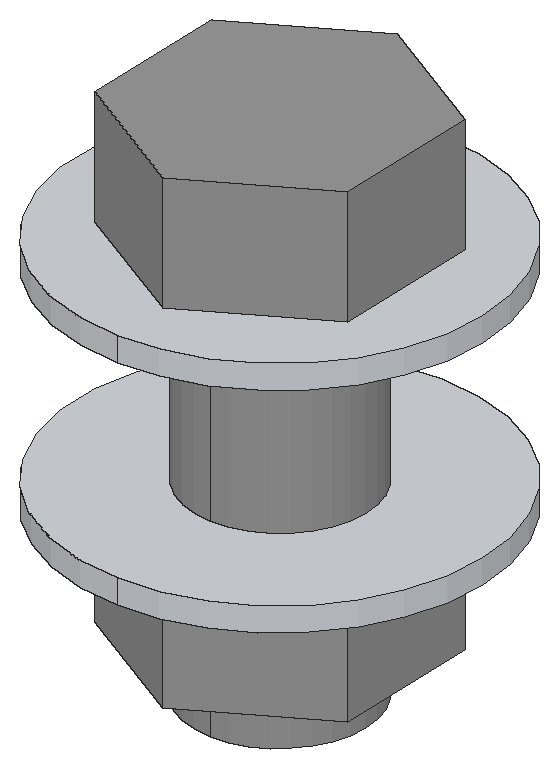
Revit family "050523 - W_P_C - Fastenings - Lag Bolt or Thru Bolt", category Structural Connections, Revit 2020
Family settings
  Material for Model Behavior = Other
  Work Plane-Based = Yes
  Enable cutting in views = Yes
  Always vertical = No
  Cut with Voids When Loaded = No
  Shared = No
Parameters (values of type "7/8")
  Washer Radius = Radius + Head Height  # 0' - 1.0515"
  Washer Offset - Head = if(Washer_Head_Visibility, 0' 0 1/8", 0' 0")  # 0' - 0 1/8"
  Washer Offset = if(Washer_Nut_Visibility, 0' 0 1/8", 0' 0")  # 0' - 0 1/8"
  Washer Material = none
  Washer_Nut_Visibility = yes
  Washer_Head_Visibility = yes
  Thickness_of_Substrate [instance] = 0' - 1"
  Side = Head Size * 0.57812  # 0' - 0.7585"
  Radius = Diameter / 2  # 0' - 0.4475"
  Nut_Visibility = yes
  Length [instance] = 0' - 2"
  Head Size = 0' - 1.312"
  Head Radius = Head Size / 2  # 0' - 0.656"
  Head Height = 0' - 0.604"
  Diameter = 0' - 0.895"
  Default Elevation = 4' - 0"
  Bolt Material (Size) = 3/4" DIAMETER x 8" EMBEDMENT EPOXY ANCHORS
Types (15): name | Washer Radius | Side | Radius | Head Size | Head Radius | Head Height | Diameter
  2 1/2 | 0' - 2.9875" | 0' - 2 43/256" | 0' - 1.2795" | 0' - 3 3/4" | 0' - 1 7/8" | 0' - 1.708" | 0' - 2.559"
  2 1/4 | 0' - 2.7005" | 0' - 1.95117" | 0' - 1.1525" | 0' - 3 3/8" | 0' - 1 11/16" | 0' - 1.548" | 0' - 2.305"
  2 | 0' - 2.4075" | 0' - 1 47/64" | 0' - 1.0195" | 0' - 3" | 0' - 1 1/2" | 0' - 1.388" | 0' - 2.039"
  1 7/8 | 0' - 2.232" | 0' - 1.62569" | 0' - 0.956" | 0' - 2.812" | 0' - 1.406" | 0' - 1.276" | 0' - 1.912"
  1 3/4 | 0' - 2.0885" | 0' - 1.51758" | 0' - 0.8925" | 0' - 2 5/8" | 0' - 1 5/16" | 0' - 1.196" | 0' - 1.785"
  1 5/8 | 0' - 1.945" | 0' - 1.40947" | 0' - 0.829" | 0' - 2.438" | 0' - 1.219" | 0' - 1.116" | 0' - 1.658"
  1 1/2 | 0' - 1.8015" | 0' - 1 77/256" | 0' - 0.7655" | 0' - 2 1/4" | 0' - 1 1/8" | 0' - 1.036" | 0' - 1.531"
  1 3/8 | 0' - 1.642" | 0' - 1.19209" | 0' - 0.702" | 0' - 2.062" | 0' - 1.031" | 0' - 0.94" | 0' - 1.404"
  1 1/4 | 0' - 1.5145" | 0' - 1.08398" | 0' - 0.6385" | 0' - 1 7/8" | 0' - 0 15/16" | 0' - 0.876" | 0' - 1.277"
  1 1/8 | 0' - 1.3545" | 0' - 0.97588" | 0' - 0.5745" | 0' - 1.688" | 0' - 0.844" | 0' - 0.78" | 0' - 1.149"
  1 | 0' - 1.211" | 0' - 0 111/128" | 0' - 0.511" | 0' - 1 1/2" | 0' - 0 3/4" | 0' - 0.7" | 0' - 1.022"
  7/8 | 0' - 1.0515" | 0' - 0.7585" | 0' - 0.4475" | 0' - 1.312" | 0' - 0.656" | 0' - 0.604" | 0' - 0.895"
  3/4 | 0' - 0.908" | 0' - 0.65039" | 0' - 0.384" | 0' - 1 1/8" | 0' - 0 9/16" | 0' - 0.524" | 0' - 0.768"
  5/8 | 0' - 0.765" | 0' - 0.54228" | 0' - 0.321" | 0' - 0.938" | 0' - 0.469" | 0' - 0.444" | 0' - 0.642"
  1/2 | 0' - 0.6215" | 0' - 0 111/256" | 0' - 0.2575" | 0' - 0 3/4" | 0' - 0 3/8" | 0' - 0.364" | 0' - 0.515"
Reference planes (in)
  plane 1 "Center (Front/Back)": y = 0
  plane 2: z = 0
  plane 3 "Center (Left/Right)": x = 0
  plane 4: z = 0.729
  plane 5: z = -2
  plane 6: y = 0
  plane 7: x = 0
  plane 8: z = -1
  plane 9: z = 0.125
  plane 10: z = -1.125
  plane 11: z = 0
  plane 12: through (0, 0, 48) normal (0.866, 0.5, 0)
  plane 13: through (0, 0, 48) normal (0.866, -0.5, 0)
  plane 14: through (0, 0, 48) normal (0.5, -0.866, 0)
  plane 15: through (0, 0, 48) normal (-0.5, -0.866, 0)
Forms (in)
  Extrusion 1, solid, material "3/4" DIAMETER x 8" EMBEDMENT EPOXY ANCHORS" <- "Bolt Material (Size)"
    sketch origin (0, 8.71147, 0.125) x (0, 1, 0) y (-1, 0, 0)
      loop
        circle (-8.71147, 0) r 0.4475
    from -2.125 to 0
Lines and regions (in)
  model lines, style "InvisibleLines"
    curve 1: line (0, -0.64952, 0.729) -> (0, 0.64952, 0.729)
    curve 2: line (0.656, 0, 0.729) -> (-0.656, 0, 0.729)
  symbolic lines, style "InvisibleLines"
    curve 3: line (0, 0, 0.729) -> (0, 0, -2)
    curve 4: line (0, 0, 0.729) -> (0, 0, -2)
Dimensions and locks (in)
  "Head Height": plane 4 to plane 9
  "Length": plane 11 to plane 5
  "Thickness_of_Substrate": plane 2 to plane 8
  "Washer Offset": plane 8 to plane 10
  "Washer Offset - Head": plane 9 to plane 2
  "Radius": radius of Extrusion 1 sketch curve
  aligned and locked: level to plane 2
  aligned and locked: Extrusion 1 to plane 5
  aligned and locked: plane 7 to curve 1
  aligned and locked: curve 2 to plane 6
  aligned and locked: plane 6 to curve 4
  aligned and locked: level to plane 11
Automatic sketch dimensions
  curve 3 to plane 3 "Center (Left/Right)" = 0' - 0"
  curve 3 to plane 5 = 0' - 0"
  curve 3 to plane 4 = 0' - 0"
  curve 4 to plane 5 = 0' - 0"
  curve 4 to plane 4 = 0' - 0"
  curve 1 to curve 2 = 0' - 0.64952"
  curve 2 to curve 1 = 0' - 0.64952"
  curve 2 to nested 1 = 0' - 0"  (x2)
  plane 1 "Center (Front/Back)" to Extrusion 1 sketch curve = 0' - 0"
  Extrusion 1 sketch curve to plane 3 "Center (Left/Right)" = 0' - 0"
Nested families (in)
  nested 1: "Nut" at (0, 0, 0.125), Diameter <- "Diameter", Head Height <- "Head Height", Head Size <- "Head Size", type "one"
    with Side 0' - 0.7585", Radius 0' - 0.4475", Head Size 0' - 1.312", Head Radius 0' - 0.656", Head Height 0' - 0.604", Diameter 0' - 0.895"
  nested 2: "Nut" at (0, 0, -1.125) x (1, 0, 0) z (0, 0, -1), Diameter <- "Diameter", Head Height <- "Head Height", Head Size <- "Head Size", visible <- "Nut_Visibility", type "one"
    with Side 0' - 0.7585", Radius 0' - 0.4475", Head Size 0' - 1.312", Head Radius 0' - 0.656", Head Height 0' - 0.604", Diameter 0' - 0.895"
  nested 3: "Washer" at (0, 0, -1) x (0, -1, 0) z (0, 0, -1), visible <- "Washer_Nut_Visibility", type "one"
    with Washer Radius 0' - 1.0515"
  nested 4: "Washer" at (0, 0, 0) x (0, -1, 0) z (0, 0, 1), visible <- "Washer_Head_Visibility", type "one"
    with Washer Radius 0' - 1.0515"
Definition of nested family "Nut"
  Parameters (values of type "one")
    Side [instance] = Head Size * 0.57812  # 0' - 0 111/256"
    Radius [instance] = Diameter / 2  # 0' - 0 1/4"
    Head Size [instance] = 0' - 0 3/4"
    Head Radius [instance] = Head Size / 2  # 0' - 0 3/8"
    Head Height [instance] = 0' - 0 11/32"
    Diameter [instance] = 0' - 0 1/2"
    Default Elevation = 4' - 0"
    Bolt Material (Size) = none
  Reference planes (in)
    plane 1 "Center (Front/Back)": y = 0
    plane 2: z = 0
    plane 3 "Center (Left/Right)": x = 0
    plane 4: z = 0.34375
    plane 5: y = 0
    plane 6: x = 0
  Forms (in)
    Extrusion 1, solid, material <- "Bolt Material (Size)"
      sketch origin (0, 0, 0) x (1, 0, 0) y (0, 1, 0)
        loop
          line (0, 0.43301) -> (-0.375, 0.21651) -> (-0.375, -0.21651) -> (0, -0.43301) -> (0.375, -0.21651) -> (0.375, 0.21651) -> (0, 0.43301)
      from 0 to 0.34375
  Lines and regions (in)
    symbolic lines
      curve 1: line (0, 0, 0.34375) -> (0, 0, -3)
  Dimensions and locks (in)
    "Head Height": plane 4 to level
    "Head Radius": Extrusion 1 sketch curve to plane 3 "Center (Left/Right)"
    "Head Radius": Extrusion 1 sketch curve to plane 6
    "Head Radius": Extrusion 1 sketch curve to plane 5  (x2)
    locked: Extrusion 1 sketch curve to Extrusion 1 sketch curve (angle 120.00°)  (x5)
    aligned and locked: level to plane 2
    aligned and locked: Extrusion 1 to plane 4
    aligned and locked: plane 5 to curve 1
  Automatic sketch dimensions
    curve 1 to plane 4 = 0' - 0"
    curve 1 to level = 0' - 3"
    Extrusion 1 sketch curve to plane 3 "Center (Left/Right)" = 0' - 0"  (x2)
Definition of nested family "Washer"
  Parameters (values of type "one")
    Washer Radius = 0' - 0 3/4"
    Default Elevation = 4' - 0"
    Washer Material = none
  Reference planes (in)
    plane 1 "Center (Front/Back)": y = 0
    plane 2: z = 0
    plane 3 "Center (Left/Right)": x = 0
    plane 4: z = 0.125
    plane 5: y = 0
    plane 6: x = 0
  Forms (in)
    Extrusion 1, solid, material <- "Washer Material"
      sketch origin (0, 0, 0) x (1, 0, 0) y (0, 1, 0)
        loop
          circle (0, 0) r 0.75
      from 0 to 0.125
  Lines and regions (in)
    symbolic lines
      curve 1: line (0, 0, 0.125) -> (0, 0, -3)
  Dimensions and locks (in)
    "Washer Radius": radius of Extrusion 1 sketch curve
    aligned and locked: level to plane 2
    aligned and locked: Extrusion 1 to plane 4
    aligned and locked: plane 5 to curve 1
  Automatic sketch dimensions
    curve 1 to plane 4 = 0' - 0"
    curve 1 to level = 0' - 3"
    plane 1 "Center (Front/Back)" to Extrusion 1 sketch curve = 0' - 0"
    Extrusion 1 sketch curve to plane 3 "Center (Left/Right)" = 0' - 0"
